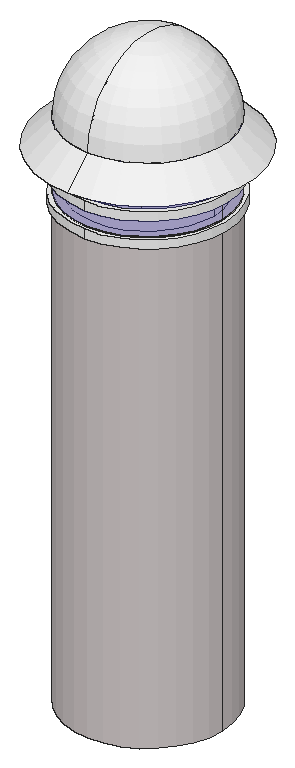
Revit family "M_Luz de poste", category Luminárias, Revit 2019
Family settings
  Cota do conector redondo = Utilizar diâmetro
  Tipo de parte = Normal
  Número OmniClass = 23.80.70.14.11.11
  Título OmniClass = Lighting Bollards
  ID de item do Seek = Bollard Light-0000-CAN-ENU
  Com base no plano de trabalho = Não
  Sempre na vertical = Sim
  Corte com vazios quando carregada = Não
  Fonte luminosa = Sim
  Compartilhado = Não
  Ponto de cálculo do ambiente = Não
Parameters (values of type "Fluorescente - 120V")
  Wattage = 26 W
  built-in parameter 1150110 = 1 (stored number, unit not read)
  built-in parameter 1114217 = 0.88 (stored number, unit not read)
  built-in parameter 1150109 = 1 (stored number, unit not read)
  built-in parameter 1150134 = 4
  built-in parameter 1150113 = 1 (stored number, unit not read)
  Tilt Angle = 90.00°
  Arquivo de rede fotométrica = "BL1CF.IES"
  Lumens = 1799.98 lm
  built-in parameter 1150115 = 1 (stored number, unit not read)
  built-in parameter 1150105 = 143.24 (stored number, unit not read)
  Classificação de carga = Iluminação - Externa
  built-in parameter 1150137 = 1
  built-in parameter 1150139 = (empty or 0)
  Material do suporte = Concreto, Pré-moldado
  Material de sombra = Aço, Polido
  built-in parameter 1150112 = 1 (stored number, unit not read)
  Material do difusor = Vidro
  built-in parameter 1150114 = 1 (stored number, unit not read)
  Lamp = ""
  built-in parameter 1150132 = (empty or 0)
  built-in parameter 1150102 = (empty or 0)
  built-in parameter 1150138 = (empty or 0)
  built-in parameter 1150107 = 2800 (stored number, unit not read)
  built-in parameter 1150106 = 1.4324 (stored number, unit not read)
  built-in parameter 1150104 = 6.4317 (stored number, unit not read)
  Dimming Lamp Color Temperature Shift = (empty or 0)
  Color Filter = 16777215
  Voltagem = 120 V
  Número de pólos = 1
  built-in parameter 1114218 = 0.88 (stored number, unit not read)
  built-in parameter 1150133 = 10 (stored number, unit not read)
  Apparent Load = 26 VA
Types (5, lengths in mm): name | Wattage | built-in parameter 1114217 | Tilt Angle | Arquivo de rede fotométrica | Lumens | built-in parameter 1150105 | Lamp | built-in parameter 1150106 | built-in parameter 1150104 | Voltagem | built-in parameter 1114218 | Apparent Load
  (no name) | 26 W | 0.88 (stored number, unit not read) | 90.00° | "BL1CF.IES" | 1799.98 lm | 143.24 (stored number, unit not read) | "" | 1.4324 (stored number, unit not read) | 6.4317 (stored number, unit not read) | 120 V | 0.88 (stored number, unit not read) | 26 VA
  Incandescente - 120V | 100 W | 1 (stored number, unit not read) | -90.00° | "BL1A19.IES" | 1690 lm | 134.49 (stored number, unit not read) | "A-19" | 1.3449 (stored number, unit not read) | 1.5701 (stored number, unit not read) | 120 V | 1 (stored number, unit not read) | 100 VA
  Incandescente - 277V | 100 W | 1 (stored number, unit not read) | -90.00° | "BL1A19.IES" | 1690 lm | 134.49 (stored number, unit not read) | "A-19" | 1.3449 (stored number, unit not read) | 1.5701 (stored number, unit not read) | 277 V | 1 (stored number, unit not read) | 100 VA
  Fluorescente - 120V | 26 W | 0.88 (stored number, unit not read) | 90.00° | "BL1CF.IES" | 1799.98 lm | 143.24 (stored number, unit not read) | "" | 1.4324 (stored number, unit not read) | 6.4317 (stored number, unit not read) | 120 V | 0.88 (stored number, unit not read) | 26 VA
  Fluorescente - 277V | 26 W | 0.88 (stored number, unit not read) | 90.00° | "BL1CF.IES" | 1799.98 lm | 143.24 (stored number, unit not read) | "" | 1.4324 (stored number, unit not read) | 6.4317 (stored number, unit not read) | 277 V | 0.88 (stored number, unit not read) | 26 VA
Reference planes
  plane 1 "Eixo de origem da luz": y = -114.3
  plane 2: z = 0
  plane 3 "Eixo de origem da luz": x = -114.3
  plane 4 "Elevação da origem da luz": z = 762
  plane 5: y = 0
  plane 6: x = 0
  plane 7: y = -228.6
  plane 8: x = -228.6
  plane 9: z = 914.4
  plane 10: z = 800.1
  plane 11: z = 698.5
Forms (mm)
  Extrusion 1, solid, material "Concreto, Pré-moldado" <- "Material do suporte"
    sketch origin (0, 0, 0) x (1, 0, 0) y (0, 1, 0)
      loop
        circle (-114.3, -114.3) r 114.3
    from 0 to 698.5
  Extrusion 2, solid, material "Vidro" <- "Material do difusor"
    sketch origin (0, 0, 0) x (1, 0, 0) y (0, 1, 0)
      loop
        circle (-114.3, -114.3) r 114.3
      loop
        circle (-114.3, -114.3) r 101.6
    from 698.5 to 800.1
  Revolve 3, solid, material "Aço, Polido" <- "Material de sombra"
    sketch origin (-114.3, 0, 0) x (0, 1, 0) y (0, 0, 1)
      loop
        line (-114.3, 914.4) -> (-114.3, 901.7) -> (0, 787.4) -> (0, 762) -> (38.1, 762) -> (0, 800.1)
        arc (0, 800.1) -> (-33.478, 880.922) -> (-114.3, 914.4) r 114.3
      loop
        line (0, 698.5) -> (0, 685.8) -> (6.35, 685.8) -> (6.35, 698.5) -> (0, 698.5)
      loop
        line (0, 736.6) -> (0, 723.9) -> (6.35, 723.9) -> (6.35, 736.6) -> (0, 736.6)
      axis (-114.3, 914.4) -> (-114.3, 685.8)
    angle from 0 to 360
Lines and regions (mm)
  Masking region 1
    outline origin (0, 0, 0) x (1, 0, 0) y (0, 1, 0)
      loop
        circle (-114.3, -114.3) r 152.4
  symbolic lines, style "Exterior"
    curve 1: arc (0, -114.3, 0) -> (-114.3, 0, 0) -> (-228.6, -114.3, 0) r 114.3
    curve 2: arc (-228.6, -114.3, 0) -> (-114.3, -228.6, 0) -> (0, -114.3, 0) r 114.3
    curve 3: arc (38.1, -114.3, 0) -> (-114.3, 38.1, 0) -> (-266.7, -114.3, 0) r 152.4
    curve 4: arc (-266.7, -114.3, 0) -> (-114.3, -266.7, 0) -> (38.1, -114.3, 0) r 152.4
Dimensions and locks
  equal spacing: plane 8, plane 3 "Eixo de origem da luz", plane 6
  plane 8 to plane 6 = 228.6 mm
  plane 7 to plane 5 = 228.6 mm
  equal spacing: plane 7, plane 1 "Eixo de origem da luz", plane 5
  plane 4 "Elevação da origem da luz" to plane 2 = 762 mm
  plane 9 to plane 2 = 914.4 mm
  locked: plane 9 to plane 10 at 114.3
  locked: plane 10 to plane 11 at 101.6
  aligned and locked: Extrusion 1 to plane 11
  aligned and locked: Extrusion 2 to plane 10
  aligned and locked: Extrusion 2 to Extrusion 1
  aligned and locked: Masking region 1 sketch curve to curve 3
  aligned and locked: plane 3 "Eixo de origem da luz" to imposter light
  aligned and locked: plane 1 "Eixo de origem da luz" to imposter light
  aligned and locked: plane 4 "Elevação da origem da luz" to imposter light
Connectors
  electrical at (-114.3, -114.3, 698.5), driven by "Apparent Load", driven by "Voltagem", driven by "Número de pólos", driven by "Classificação de carga"
    settings: on Extrusion 1, index 1, voltage 120 V, apparent load 0 VA, apparent load phase1 26 VA, apparent load phase2 0 VA, apparent load phase3 0 VA, power factor 0.95, load classification "Iluminação - Externa", number of poles 1, system type 31, power factor state 1, is connector primary yes, connector utility no, sub classification motor no, connector description ""
